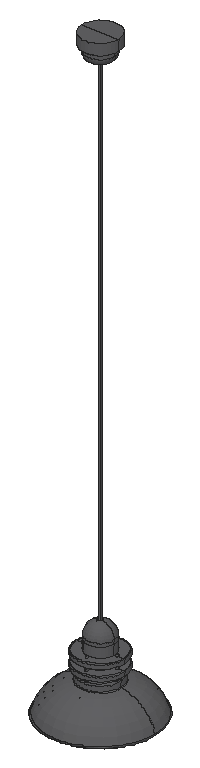
Revit family "Orbitor 100w -12,16 MB", category Lighting Fixtures, Revit 2020
Family settings
  Round Connector Dimension = Use Diameter
  Part Type = Normal
  OmniClass Number = 23.80.70.00
  OmniClass Title = Lighting
  Work Plane-Based = No
  Always vertical = Yes
  Cut with Voids When Loaded = No
  Light Source = Yes
  Shared = No
  Room Calculation Point = No
Parameters (values of type "ORBT16")
  Weight = "2.0 lbs"
  Wattage Comments = "100W Max"
  Wattage = 1.6 W
  Warranty = "5 year limited warranty"  # constant formula
  built-in parameter 1150110 = 1 (stored number, unit not read)
  Voltage = 277 V
  URL = "https://www.anplighting.com/assets/Uploads/product-attachments/specification-sheets/ANP-Specification-Sheet-RLM-MB-ORBT16.pdf"
  built-in parameter 1114217 = 1 (stored number, unit not read)
  Tilt Angle = 90.00°
  built-in parameter 1150109 = 1 (stored number, unit not read)
  built-in parameter 1150134 = 12
  built-in parameter 1150113 = 1 (stored number, unit not read)
  ORBT16 = yes
  ORBT12 = no
  Mounting Option [instance] = 1
  Power Factor = 1
  Post Mount [instance] = Mounting Option = 5  # no
  Placement X axis side [instance] = if(Post Mount, 2' 2 15/32", if(Cord or Stem Mount, 0' 0", if(E36 20 inch, 1' 8 1/4", if(E 6 26 inch, 2' 2", if(E7 41 inch, 3' 5 1/4", 0' 1")))))  # 0' - 0"
  Photometric Web File = "generic.ies"
  Model = "ORBT16"
  Manufacturer = "ANP Lighting"  # constant formula
  built-in parameter 1150105 = 2000 (stored number, unit not read)
  Lumens = 2000 lm
  built-in parameter 1150115 = 1 (stored number, unit not read)
  Load Classification = Lighting
  Light Source Height [instance] = 0' - 11"
  built-in parameter 1150137 = (empty or 0)
  built-in parameter 1150139 = (empty or 0)
  Light Elevation _2 [instance] = if(Post Mount, 0' 0.66142", if(E7 41 inch, 0' 0.66142", if(E36 20 inch, 0' 1.65748", if(E 6 26 inch, 0' 1.53543", if(Cord or Stem Mount, (0' 4.3622" + Cord Length), 0' 0")))))  # 6' - 4.3622"
  Light Elevation _1 [instance] = if(Post Mount, 0' 0", if(E7 41 inch, 0' 0", if(E36 20 inch, 0' 1", if(E 6 26 inch, 0' 0.87402", if(Cord or Stem Mount, (0' 3.66142" + Cord Length), 0' 0")))))  # 6' - 3.66142"
  Light Elevation [instance] = if(Post Mount, 14' 0.5315", if(E7 41 inch, 0' 0", 0' 0"))  # 0' - 0"
  Life = "L70 50,000 hours"  # constant formula
  built-in parameter 1150112 = 1 (stored number, unit not read)
  built-in parameter 1150114 = 1 (stored number, unit not read)
  Lamp = "MB"
  built-in parameter 1150132 = 2
  built-in parameter 1150102 = (empty or 0)
  built-in parameter 1150107 = 4000 (stored number, unit not read)
  built-in parameter 1150138 = (empty or 0)
  built-in parameter 1150106 = 20 (stored number, unit not read)
  INSIDE BODY = INSIDE BODY
  Fixture Height = 1' - 0 1/8"
  Fixture Diameter = 1' - 4"
  Efficiency = "65-125 lumens per watt"  # constant formula
  built-in parameter 1150104 = 116.13 (stored number, unit not read)
  E7 41 inch [instance] = Mounting Option = 4  # no
  E36 20 inch [instance] = Mounting Option = 3  # no
  E 6 26 inch [instance] = Mounting Option = 2  # no
  Dimming Lamp Color Temperature Shift = <None>
  Dimming = "1%"  # constant formula
  Description = "120-277 Voltage"  # constant formula
  Default Elevation = 0' - 0"
  Cord or Stem Mount [instance] = Mounting Option = 1  # yes
  Cord Length option [instance] = 0
  Cord Length [instance] = if([2' Cord], 2' 0", if([4' Cord], 4' 0", if([8' Cord], 8' 0", if([10' Cord], 10' 0", if([6' Cord], 6' 0", 6' 0")))))  # 6' - 0"
  Construction Material = "Heavy Duty spun aluminum."  # constant formula
  Color Filter = 16777215
  CRI = ">90"  # constant formula
  Body Material = body
  Body Colour = "Spun aluminium"  # constant formula
  built-in parameter 1114218 = 1 (stored number, unit not read)
  built-in parameter 1150133 = 10 (stored number, unit not read)
  Apparent Load = 100 VA
  8' Cord [instance] = Cord Length option = 8  # no
  6' Cord [instance] = Cord Length option = 6  # no
  4' Cord [instance] = Cord Length option = 4  # no
  2' Cord [instance] = Cord Length option = 2  # no
  10' Cord [instance] = Cord Length option = 10  # no
Types (3): name | URL | ORBT16 | ORBT12 | Model | Fixture Height | Fixture Diameter | Apparent Load
  (no name) | "https://www.anplighting.com/assets/Uploads/product-attachments/specification-sheets/ANP-Specification-Sheet-RLM-MB-ORBT16.pdf" | yes | no | "ORBT16" | 1' - 0 1/8" | 1' - 4" | 100 VA
  ORBT12 | "https://www.anplighting.com/assets/Uploads/product-attachments/specification-sheets/ANP-Specification-Sheet-RLM-MB-ORBT12.pdf" | no | yes | "ORBT12" | 0' - 11 1/4" | 1' - 0" | 200 VA
  ORBT16 | "https://www.anplighting.com/assets/Uploads/product-attachments/specification-sheets/ANP-Specification-Sheet-RLM-MB-ORBT16.pdf" | yes | no | "ORBT16" | 1' - 0 1/8" | 1' - 4" | 100 VA
Reference planes (in)
  plane 1 "Light Source Axis (F/B)": y = 0
  plane 2: z = 0
  plane 3 "Light Source Axis (L/R)": x = 0
  plane 4 "Light Source Elevation": z = 0
  plane 5: z = 0
  plane 6: x = 0
  plane 7 "Bulb Position": z = -76.3622
  plane 8 "Canopy Position": z = -75.66142
  plane 9 "IES": z = -87.3622
Dimensions and locks (in)
  "Light Elevation": plane 5 to plane 2
  "Placement X axis side": plane 6 to plane 3 "Light Source Axis (L/R)"
  "Light Elevation _2": plane 5 to plane 7 "Bulb Position"
  "Light Elevation _1": plane 5 to plane 8 "Canopy Position"
  "Light Source Height": plane 7 "Bulb Position" to plane 9 "IES"
  locked: plane 4 "Light Source Elevation" to plane 2
  aligned and locked: level to plane 2
  aligned and locked: plane 1 "Light Source Axis (F/B)" to nested 5
  aligned and locked: nested 5 to plane 2
  aligned and locked: nested 1 to plane 3 "Light Source Axis (L/R)"
  aligned and locked: plane 3 "Light Source Axis (L/R)" to nested 2
  aligned and locked: plane 3 "Light Source Axis (L/R)" to nested 4
  aligned and locked: nested 3 to plane 5
  aligned and locked: plane 3 "Light Source Axis (L/R)" to nested 3
  aligned and locked: plane 3 "Light Source Axis (L/R)" to nested 5
  aligned and locked: plane 1 "Light Source Axis (F/B)" to nested 2
  aligned and locked: plane 1 "Light Source Axis (F/B)" to nested 1
  aligned and locked: plane 1 "Light Source Axis (F/B)" to nested 4
  aligned and locked: plane 1 "Light Source Axis (F/B)" to nested 3
  aligned and locked: plane 2 to nested 1
  aligned and locked: plane 2 to nested 2
  aligned and locked: nested 4 to plane 2
  aligned and locked: imposter light to plane 9 "IES"
  aligned and locked: imposter light to plane 6
  aligned and locked: nested 6 to plane 8 "Canopy Position"
  aligned and locked: nested 7 to plane 8 "Canopy Position"
  aligned and locked: nested 6 to plane 6
  aligned and locked: nested 7 to plane 6
Nested families (in)
  nested 1: "CORD OR STEM MOUNT" at (0, 0, -75.67), visible <- "Cord or Stem Mount", Cord or Stem Mount <- "Cord or Stem Mount", Body Material <- "Body Material", Light Elevation <- "Light Elevation", Cord Length <- "Cord Length", 10' Cord <- "10' Cord", 2' Cord <- "2' Cord", 4' Cord <- "4' Cord", 6' Cord <- "6' Cord", 8' Cord <- "8' Cord", type "CORD OR STEM MOUNT"
    with Light Elevation 0' - 0", Cord or Stem Mount yes, Cord Length 6' - 0", Body Material body, 8' Cord no, 6' Cord no, 4' Cord no, 2' Cord no, 10' Cord no
  nested 2: "E6 26 INCH" at (0, 0, 0), visible <- "E 6 26 inch", Chain Length <- "Cord Length", E 6 26 inch <- "E 6 26 inch", Placement X axis side <- "Placement X axis side", Body Material <- "Body Material", Light Elevation <- "Light Elevation", type "E6 26 INCH"
    with Placement X axis side 0' - 0", Light Elevation 0' - 0", E 6 26 inch no, Chain Length 6' - 0", Body Material body
  nested 3: "E7 41 INCH" at (0, 0, 0), Chain Length <- "Cord Length", visible <- "E7 41 inch", E7 41 inch <- "E7 41 inch", Placement X axis side <- "Placement X axis side", Body Material <- "Body Material", Light Elevation <- "Light Elevation", type "E7 41 INCH"
    with Placement X axis side 0' - 0", Light Elevation 0' - 0", E7 41 inch no, Chain Length 6' - 0", Body Material body
  nested 4: "E36 20 INCH" at (0, 0, 0), visible <- "E36 20 inch", E36 20 inch <- "E36 20 inch", Placement X axis side <- "Placement X axis side", Chain Length <- "Cord Length", Body Material <- "Body Material", Light Elevation <- "Light Elevation", type "E36 20 INCH"
    with Placement X axis side 0' - 0", Light Elevation 0' - 0", E36 20 inch no, Chain Length 6' - 0", Body Material body
  nested 5: "POST MOUNT" at (0, 0, 0), visible <- "Post Mount", Post Mount <- "Post Mount", Placement X axis side <- "Placement X axis side", Chain Length <- "Cord Length", Body Material <- "Body Material", Light Elevation <- "Light Elevation", type "POST MOUNT"
    with Post Mount no, Placement X axis side 0' - 0", Light Elevation 0' - 0", Chain Length 6' - 0", Body Material body
  nested 6: "ORBT12" at (0, 0, -75.66142), Light Elevation <- "Light Elevation", Body <- "Body Material", ORBT12 <- "ORBT12", visible <- "ORBT12", INSIDE BODY <- "INSIDE BODY", type "ORBT12"
    with ORBT12 no, Light Elevation 0' - 0", INSIDE BODY INSIDE BODY, Body body
  nested 7: "ORBT16" at (0, 0, -75.66142), Light Elevation <- "Light Elevation", Body <- "Body Material", INSIDE BODY <- "INSIDE BODY", ORBT16 <- "ORBT16", visible <- "ORBT16", type "ORBT16"
    with ORBT16 yes, Light Elevation 0' - 0", INSIDE BODY INSIDE BODY, Body body
Definition of nested family "CORD OR STEM MOUNT"
  Parameters (values of type "CORD OR STEM MOUNT")
    URL = ""
    Model = ""
    Manufacturer = ""
    Light Elevation [instance] = 1' - 7.69"
    Default Elevation = 0' - 0"
    Cord or Stem Mount [instance] = yes
    Cord Length [instance] = 6' - 0"
    Body Material [instance] = none
    8' Cord [instance] = no
    6' Cord [instance] = no
    4' Cord [instance] = no
    2' Cord [instance] = no
    10' Cord [instance] = no
  Reference planes (in)
    plane 1 "Light Source Axis (F/B)": y = 0
    plane 2: z = 0
    plane 3 "Light Source Axis (L/R)": x = 0
    plane 4 "Light Source Elevation": z = 23.125
    plane 5: z = 91.69
    plane 6: z = 19.69
  Forms (in)
    Extrusion 1, void, not visible
      sketch origin (0, 0, 2.38154) x (1, 0, 0) y (0, 0, 1)
        loop
          circle (0, 4.59925) r 0.16583
      from 1.18594 to 1.75
    Extrusion 2, void, not visible
      sketch origin (0, 0, 2.38154) x (0.707107, -0.707107, 0) y (0, 0, 1)
        loop
          circle (0, 4.59925) r 0.16583
      from 1.18594 to 1.75
    Extrusion 3, void, not visible
      sketch origin (0, 0, 2.38154) x (0.707107, 0.707107, 0) y (0, 0, 1)
        loop
          circle (0, 4.59925) r 0.16583
      from 1.18594 to 1.75
    Extrusion 4, void, not visible
      sketch origin (0, 0, 2.38154) x (0, 1, 0) y (0, 0, 1)
        loop
          circle (0, 4.59925) r 0.16583
      from 1.18594 to 1.75
    Extrusion 5, void, not visible
      sketch origin (0, 0, 2.38154) x (-0.707107, 0.707107, 0) y (0, 0, 1)
        loop
          circle (0, 4.59925) r 0.16583
      from 1.18594 to 1.75
    Extrusion 6, void, not visible
      sketch origin (0, 0, 2.38154) x (-1, 0, 0) y (0, 0, 1)
        loop
          circle (0, 4.59925) r 0.20678
      from 1.18594 to 1.75
    Extrusion 7, void, not visible
      sketch origin (0, 0, 2.38154) x (-0.707107, -0.707107, 0) y (0, 0, 1)
        loop
          circle (0, 4.59925) r 0.16583
      from 1.18594 to 1.75
    Extrusion 8, void, not visible
      sketch origin (0, 0, 2.38154) x (0, -1, 0) y (0, 0, 1)
        loop
          circle (0, 4.59925) r 0.16583
      from 1.18594 to 1.75
    Revolve 9, solid, material <- "Body Material", visible <- "Cord or Stem Mount"
      sketch origin (0, 0, 174.56698) x (1, 0, 0) y (0, 0, 1)
        loop
          line (2.6875, -79.20698) -> (0, -79.20698) -> (0, -82.87698) -> (0.125, -82.87698) -> (0.125, -82.83698) -> (0.75, -82.83698)
          arc (0.75, -82.83698) -> (0.81694, -82.77004) -> (0.75, -82.7031) r 0.06694
          line (0.75, -82.7031) -> (0.89763, -82.7031) -> (1.00223, -82.5985) -> (1.06587, -82.5985)
          arc (1.06587, -82.5985) -> (1.80099, -82.29401) -> (2.10549, -81.55888) r 1.03962
          line (2.10549, -81.55888) -> (2.10549, -81.03899)
          arc (2.10549, -81.03899) -> (2.12951, -80.981) -> (2.1875, -80.95698) r 0.08201
          line (2.1875, -80.95698) -> (2.1875, -80.70698) -> (2.6875, -80.70698) -> (2.6875, -79.20698)
        axis (0, -79.20698) -> (0, -82.87698)
      angle from 0 to 360
    Revolve 10, solid, material <- "Body Material", visible <- "Cord or Stem Mount"
      sketch origin (0, 0, 0) x (1, 0, 0) y (0, 0, 1)
        loop
          line (0, 91.69) -> (-0.125, 91.69) -> (-0.125, 19.69) -> (0, 19.69) -> (0, 91.69)
        axis (0, 19.69) -> (0, 91.69)
      angle from 0 to 360
  Dimensions and locks (in)
    "Light Elevation": plane 6 to plane 2
    "Cord Length": plane 5 to plane 6
    locked: Revolve 10 sketch curve to Revolve 10 sketch curve at 0.125
    aligned and locked: level to plane 2
    aligned and locked: Revolve 10 sketch curve to plane 3 "Light Source Axis (L/R)"
    aligned and locked: Revolve 10 sketch curve to plane 6
    aligned and locked: Revolve 10 sketch curve to plane 5
    aligned and locked: plane 3 "Light Source Axis (L/R)" to Revolve 10 sketch curve
  Automatic sketch dimensions
    Revolve 9 sketch curve to plane 3 "Light Source Axis (L/R)" = 0' - 0"  (x2)
    Revolve 9 sketch curve to plane 5 = 0' - 0"
    plane 3 "Light Source Axis (L/R)" to Revolve 9 sketch curve = 0' - 0 1/8"
    Revolve 9 sketch curve to plane 5 = 0' - 0.17388"
    Revolve 9 sketch curve to Revolve 9 sketch curve = 0' - 0 5/8"
    Revolve 9 sketch curve to Revolve 9 sketch curve = 0' - 0.14763"
    Revolve 9 sketch curve to plane 5 = 0' - 0.27847"
    Revolve 9 sketch curve to Revolve 9 sketch curve = 0' - 0.1046"
    Revolve 9 sketch curve to Revolve 9 sketch curve = 0' - 0.06364"
    Revolve 9 sketch curve to Revolve 9 sketch curve = 0' - 1.03962"
    Revolve 9 sketch curve to Revolve 9 sketch curve = 0' - 0 21/256"
    Revolve 9 sketch curve to Revolve 9 sketch curve = 0' - 0 1/2"  (x2)
    Revolve 9 sketch curve to Revolve 9 sketch curve = 0' - 0.51989"
    Revolve 9 sketch curve to Revolve 9 sketch curve = 0' - 0 1/4"
    Revolve 9 sketch curve to Revolve 9 sketch curve = 0' - 2.3519"
    Revolve 9 sketch curve to Revolve 9 sketch curve = 0' - 1 1/4"
    Revolve 9 sketch curve to Revolve 9 sketch curve = 0' - 0.04"
    Revolve 10 sketch curve to Revolve 10 sketch curve = 0' - 0 1/2"
    Revolve 10 sketch curve to Revolve 10 sketch curve = 0' - 0.42345"
Definition of nested family "ORBT16"
  Parameters (values of type "ORBT16")
    ORBT16 [instance] = yes
    Light Elevation [instance] = 0' - 0"
    INSIDE BODY [instance] = none
    Default Elevation = 0' - 0"
    Body [instance] = none
  Reference planes (in)
    plane 1 "Center (Front/Back)": y = 0
    plane 2: z = 0
    plane 3 "Center (Left/Right)": x = 0
    plane 4: z = 0
  Dimensions and locks (in)
    "Light Elevation": plane 4 to plane 2
    aligned and locked: plane 2 to level
    aligned and locked: plane 3 "Center (Left/Right)" to nested 1
    aligned and locked: plane 1 "Center (Front/Back)" to nested 1
    aligned and locked: nested 1 to plane 4
  Nested families (in)
    nested 1: "ORBT16-LED (1)" at (0, 0, -13.11557), INSIDE BODY <- "INSIDE BODY", Body <- "Body", visible <- "ORBT16", ORBT16 <- "ORBT16", type "ORBT16-LED (1)"
      with ORBT16 yes, INSIDE BODY none, Body none
  Definition of nested family "ORBT16-LED (1)"
    Parameters (values of type "ORBT16-LED (1)")
      ORBT16 [instance] = yes
      INSIDE BODY [instance] = none
      Default Elevation = 0' - 0"
      Body [instance] = none
    Reference planes (in)
      plane 1 "Center (Front/Back)": y = 0
      plane 2: z = 0
      plane 3 "Center (Left/Right)": x = 0
    Forms (in)
      Revolve 1, solid, material <- "Body", visible <- "ORBT16"
        sketch origin (0, 0, 0.63136) x (1, 0, 0) y (0, 0, 1)
          loop
            line (-2, 10.52232) -> (-2, 10.04894) -> (-2, 8.43427)
            arc (-2, 8.43427) -> (-2.01172, 8.40598) -> (-2.04, 8.39427) r 0.04
            line (-2.04, 8.39427) -> (-2.67, 8.39427)
            arc (-2.67, 8.39427) -> (-2.72657, 8.37084) -> (-2.75, 8.31427) r 0.08
            line (-2.75, 8.31427) -> (-2.75, 7.89427) -> (-2.67, 7.89427) -> (-2.67, 8.31427) -> (-2.04, 8.31427)
            arc (-2.04, 8.31427) -> (-1.95515, 8.34941) -> (-1.92, 8.43427) r 0.12
            line (-1.92, 8.43427) -> (-1.92, 10.03429) -> (-1.92, 10.52232)
            arc (-1.92, 10.52232) -> (-1.46397, 11.76458) -> (-0.3125, 12.41672) r 1.92
            line (-0.3125, 12.41672) -> (-0.3125, 12.48421) -> (-0.38859, 12.48421)
            arc (-0.38859, 12.48421) -> (-1.5455, 11.79174) -> (-2, 10.52232) r 2
          axis (0, 12.48421) -> (0, 7.89427)
        angle from 0 to 360
      Revolve 2, solid, material <- "Body", visible <- "ORBT16"
        sketch origin (0, 0, 0.63136) x (1, 0, 0) y (0, 0, 1)
          loop
            line (-2.0625, 8.60427) -> (-3.3125, 8.60427) -> (-3.3125, 8.39427) -> (-2.0625, 8.39427) -> (-2.0625, 8.60427)
          axis (0, 8.60427) -> (0, 8.39427)
        angle from 0 to 360
      Revolve 3, solid, material <- "Body", visible <- "ORBT16"
        sketch origin (0, 0, 0.63136) x (1, 0, 0) y (0, 0, 1)
          loop
            line (-2.0625, 8.68427) -> (-3.42, 8.68427)
            arc (-3.42, 8.68427) -> (-3.47657, 8.66084) -> (-3.5, 8.60427) r 0.08
            line (-3.5, 8.60427) -> (-3.5, 8.05927) -> (-3.42, 8.05927) -> (-3.42, 8.60427) -> (-2.0625, 8.60427) -> (-2.0625, 8.68427)
          axis (0, 8.68427) -> (0, 8.05927)
        angle from 0 to 360
      Revolve 4, solid, material <- "Body", visible <- "ORBT16"
        sketch origin (0, 0, 0.63136) x (1, 0, 0) y (0, 0, 1)
          loop
            line (-1.3725, 8.31427) -> (-2.67, 8.31427) -> (-2.67, 8.23427) -> (-1.3725, 8.23427) -> (-1.3725, 8.31427)
          axis (0, 8.31427) -> (0, 8.23427)
        angle from 0 to 360
      Revolve 5, solid, material <- "Body", visible <- "ORBT16"
        sketch origin (0, 0, 0.63136) x (1, 0, 0) y (0, 0, 1)
          loop
            line (-2.065, 8.23427) -> (-2.065, 8.04677) -> (-1.935, 8.04677) -> (-1.935, 7.66677) -> (-1.8125, 7.66677) -> (-1.8125, 6.98427) -> (-1.6825, 6.98427) -> (-1.6825, 8.10427) -> (-1.2475, 8.10427) -> (-1.2475, 8.23427) -> (-2.065, 8.23427)
          axis (0, 8.23427) -> (0, 6.98427)
        angle from 0 to 360
      Revolve 6, solid, material <- "Body", visible <- "ORBT16"
        sketch origin (0, 0, 0.63136) x (1, 0, 0) y (0, 0, 1)
          loop
            line (-2.0625, 7.06427) -> (-3.42, 7.06427)
            arc (-3.42, 7.06427) -> (-3.47657, 7.04084) -> (-3.5, 6.98427) r 0.08
            line (-3.5, 6.98427) -> (-3.5, 6.43927) -> (-3.42, 6.43927) -> (-3.42, 6.98427) -> (-2.0625, 6.98427) -> (-2.0625, 7.06427)
          axis (0, 7.06427) -> (0, 6.43927)
        angle from 0 to 360
      Revolve 7, solid, material <- "Body", visible <- "ORBT16"
        sketch origin (0, 0, 0.63136) x (1, 0, 0) y (0, 0, 1)
          loop
            line (-2.625, 6.98427) -> (-2.625, 5.73427) -> (-2.5625, 5.73427) -> (-2.5625, 6.98427) -> (-2.625, 6.98427)
          loop
            line (-2.625, 8.23427) -> (-2.625, 7.06427) -> (-2.5625, 7.06427) -> (-2.5625, 8.23427) -> (-2.625, 8.23427)
          loop
            line (-2.5985, 8.76094) -> (-2.5985, 8.68427) -> (-2.4375, 8.68427) -> (-2.4375, 8.79927) -> (-2.56017, 8.79927)
            arc (-2.56017, 8.79927) -> (-2.58727, 8.78804) -> (-2.5985, 8.76094) r 0.03833
          axis (-2.4375, 8.79927) -> (-2.4375, 5.73427)
        angle from 0 to 360
      Revolve 8, solid, material <- "Body", visible <- "ORBT16"
        sketch origin (0, 0, 0.63136) x (-1, 0, 0) y (0, 0, 1)
          loop
            line (-2.625, 6.98427) -> (-2.625, 5.73427) -> (-2.5625, 5.73427) -> (-2.5625, 6.98427) -> (-2.625, 6.98427)
          loop
            line (-2.625, 8.23427) -> (-2.625, 7.06427) -> (-2.5625, 7.06427) -> (-2.5625, 8.23427) -> (-2.625, 8.23427)
          loop
            line (-2.5985, 8.76094) -> (-2.5985, 8.68427) -> (-2.4375, 8.68427) -> (-2.4375, 8.79927) -> (-2.56017, 8.79927)
            arc (-2.56017, 8.79927) -> (-2.58727, 8.78804) -> (-2.5985, 8.76094) r 0.03833
          axis (-2.4375, 8.79927) -> (-2.4375, 5.73427)
        angle from 0 to 360
      Revolve 9, solid, material <- "Body", visible <- "ORBT16"
        sketch origin (0, 0, 0.63136) x (0, 1, 0) y (0, 0, 1)
          loop
            line (-2.625, 6.98427) -> (-2.625, 5.73427) -> (-2.5625, 5.73427) -> (-2.5625, 6.98427) -> (-2.625, 6.98427)
          loop
            line (-2.625, 8.23427) -> (-2.625, 7.06427) -> (-2.5625, 7.06427) -> (-2.5625, 8.23427) -> (-2.625, 8.23427)
          loop
            line (-2.5985, 8.76094) -> (-2.5985, 8.68427) -> (-2.4375, 8.68427) -> (-2.4375, 8.79927) -> (-2.56017, 8.79927)
            arc (-2.56017, 8.79927) -> (-2.58727, 8.78804) -> (-2.5985, 8.76094) r 0.03833
          axis (-2.4375, 8.79927) -> (-2.4375, 5.73427)
        angle from 0 to 360
      Revolve 10, solid, material <- "Body", visible <- "ORBT16"
        sketch origin (0, 0, 0.63136) x (0, -1, 0) y (0, 0, -1)
          loop
            line (-2.625, -6.98427) -> (-2.5625, -6.98427) -> (-2.5625, -5.73427) -> (-2.625, -5.73427) -> (-2.625, -6.98427)
          loop
            line (-2.625, -8.23427) -> (-2.5625, -8.23427) -> (-2.5625, -7.06427) -> (-2.625, -7.06427) -> (-2.625, -8.23427)
          loop
            arc (-2.5985, -8.76094) -> (-2.58727, -8.78804) -> (-2.56017, -8.79927) r 0.03833
            line (-2.56017, -8.79927) -> (-2.4375, -8.79927) -> (-2.4375, -8.68427) -> (-2.5985, -8.68427) -> (-2.5985, -8.76094)
          axis (-2.4375, -8.79927) -> (-2.4375, -5.73427)
        angle from 0 to 360
      Revolve 11, solid, material <- "Body", visible <- "ORBT16"
        sketch origin (0, 0, 0) x (1, 0, 0) y (0, 0, 1)
          loop
            line (-2.0625, 6.36562) -> (-2.875, 6.36562)
            arc (-2.875, 6.36562) -> (-2.96339, 6.32901) -> (-3, 6.24062) r 0.125
            line (-3, 6.24062) -> (-3, 5.50085)
            arc (-3, 5.50085) -> (-3.01439, 5.44262) -> (-3.05426, 5.39779) r 0.125
            arc (-3.05426, 5.39779) -> (-6.09793, 3.9276) -> (-7.90266, 1.06956) r 6.14134
            arc (-7.90266, 1.06956) -> (-7.92733, 1.06721) -> (-7.91562, 1.08906) r 0.01406
            line (-7.91562, 1.08906) -> (-7.91562, 1.15937)
            arc (-7.91562, 1.15937) -> (-7.98204, 1.02296) -> (-7.8337, 1.05482) r 0.08438
            arc (-7.8337, 1.05482) -> (-6.03805, 3.87379) -> (-3.02559, 5.32157) r 6.09351
            arc (-3.02559, 5.32157) -> (-2.94836, 5.39682) -> (-2.92, 5.50085) r 0.205
            line (-2.92, 5.50085) -> (-2.92, 6.24062)
            arc (-2.92, 6.24062) -> (-2.90682, 6.27244) -> (-2.875, 6.28562) r 0.045
            line (-2.875, 6.28562) -> (-2.0625, 6.28562) -> (-2.0625, 6.36562)
          axis (0, 6.36562) -> (0, 1.05482)
        angle from 0 to 360
      Revolve 12, solid, material <- "INSIDE BODY", visible <- "ORBT16"
        sketch origin (0, 0, 0) x (1, 0, 0) y (0, 0, 1)
          loop
            line (3.02559, 5.32157) -> (3.02559, 5.22012)
            arc (3.02559, 5.22012) -> (4.77571, 4.62758) -> (6.25909, 3.52595) r 5.9402
            arc (6.25909, 3.52595) -> (7.14081, 2.38175) -> (7.72711, 1.06156) r 6.06824
            line (7.72711, 1.06156) -> (7.83166, 1.06156)
            arc (7.83166, 1.06156) -> (7.23458, 2.4197) -> (6.33047, 3.59598) r 6.16824
            arc (6.33047, 3.59598) -> (4.8145, 4.72014) -> (3.02559, 5.32157) r 6.0402
          axis (0, 1.06156) -> (0, 5.32157)
        angle from 0 to 360
    Dimensions and locks (in)
      aligned and locked: plane 2 to level
Definition of nested family "E6 26 INCH"
  Parameters (values of type "E6 26 INCH")
    URL = ""
    Placement X axis side [instance] = 2' - 2"
    Model = ""
    Manufacturer = ""
    Light Elevation [instance] = 8' - 4"
    E 6 26 inch [instance] = yes
    Default Elevation = 0' - 0"
    Chain Length [instance] = 0' - 0"
    Body Material [instance] = none
  Reference planes (in)
    plane 1 "Light Source Axis (F/B)": y = 0
    plane 2: z = 0
    plane 3 "Light Source Axis (L/R)": x = 0
    plane 4 "Light Source Elevation": z = 23.125
    plane 5: z = 100
    plane 6: x = -26
    plane 7: z = 99.125
    plane 8: x = -24.12
    plane 9: x = -25.5474
  Forms (in)
    Extrusion 1, void, not visible
      sketch origin (0, 0, 2.38154) x (1, 0, 0) y (0, 0, 1)
        loop
          circle (0, 4.59925) r 0.16583
      from 1.18594 to 1.75
    Extrusion 2, void, not visible
      sketch origin (0, 0, 2.38154) x (0.707107, -0.707107, 0) y (0, 0, 1)
        loop
          circle (0, 4.59925) r 0.16583
      from 1.18594 to 1.75
    Extrusion 3, void, not visible
      sketch origin (0, 0, 2.38154) x (0.707107, 0.707107, 0) y (0, 0, 1)
        loop
          circle (0, 4.59925) r 0.16583
      from 1.18594 to 1.75
    Extrusion 4, void, not visible
      sketch origin (0, 0, 2.38154) x (0, 1, 0) y (0, 0, 1)
        loop
          circle (0, 4.59925) r 0.16583
      from 1.18594 to 1.75
    Extrusion 5, void, not visible
      sketch origin (0, 0, 2.38154) x (-0.707107, 0.707107, 0) y (0, 0, 1)
        loop
          circle (0, 4.59925) r 0.16583
      from 1.18594 to 1.75
    Extrusion 6, void, not visible
      sketch origin (0, 0, 2.38154) x (-1, 0, 0) y (0, 0, 1)
        loop
          circle (0, 4.59925) r 0.20678
      from 1.18594 to 1.75
    Extrusion 7, void, not visible
      sketch origin (0, 0, 2.38154) x (-0.707107, -0.707107, 0) y (0, 0, 1)
        loop
          circle (0, 4.59925) r 0.16583
      from 1.18594 to 1.75
    Extrusion 8, void, not visible
      sketch origin (0, 0, 2.38154) x (0, -1, 0) y (0, 0, 1)
        loop
          circle (0, 4.59925) r 0.16583
      from 1.18594 to 1.75
    Sweep 9, solid, material <- "Body Material", visible <- "E 6 26 inch"
      path origin (-41.25, 0, 168.51693) x (1, 0, 0) y (0, 0, 1)
        loop
          line (17.13, -68.51693) -> (27.68551, -68.51693)
          arc (27.68551, -68.51693) -> (28.47996, -68.34486) -> (29.13202, -67.8595) r 1.92004
          line (29.13202, -67.8595) -> (34.23651, -62.01155)
          arc (34.23651, -62.01155) -> (38.65464, -60.89667) -> (41.25, -64.64193) r 4
          line (41.25, -64.64193) -> (41.25, -69.39193)
      profile origin (-18.84224, 0, 100) x (0, 0, 1) y (0, -1, 0)
        loop
          circle (0, 0) r 0.5
    Revolve 10, solid, material <- "Body Material", visible <- "E 6 26 inch"
      sketch origin (-26, 0, 168.51693) x (1, 0, 0) y (0, 0, 1)
        loop
          line (0, -66.07943) -> (0, -68.51693) -> (1.88, -68.51693) -> (1.88, -67.69272) -> (0.4526, -67.69272) -> (0.4526, -66.54122) -> (0.33125, -66.54122) -> (0.33125, -66.07943) -> (0, -66.07943)
        axis (0, -68.51693) -> (1.88, -68.51693)
      angle from 0 to 360
    Extrusion 11, solid, material <- "Body Material", visible <- "E 6 26 inch"
      sketch origin (-26, 0, 168.51693) x (0, -1, 0) y (0, 0, -1)
        loop
          line (0.25, 68.51693) -> (0.25, 69.51693) -> (-0.25, 69.51693) -> (-0.25, 68.51693) -> (0.25, 68.51693)
      from 0.4526 to 1.88
  Cuts and joins
    joined: Revolve 10, Extrusion 11
  Dimensions and locks (in)
    "Light Elevation": plane 5 to plane 2
    "Placement X axis side": plane 3 "Light Source Axis (L/R)" to plane 6
    locked: plane 5 to plane 7 at 0.875
    Revolve 10 sketch curve to Revolve 10 sketch curve to Revolve 10 sketch curve to plane 6 = 0' - 1.4274" locked, 0' - 0.12135" locked, 0' - 0.33125" locked
    Revolve 10 sketch curve to Revolve 10 sketch curve to Revolve 10 sketch curve to plane 5 = 0' - 0.46179" locked, 0' - 1.1515" locked, 0' - 0 211/256" locked
    locked: Sweep 9 sketch curve to plane 6 at 1.88
    locked: Sweep 9 sketch curve to Sweep 9 sketch curve at 10.55551
    locked: Sweep 9 sketch curve to Sweep 9 sketch curve at 13.56449
    locked: Sweep 9 sketch curve to Sweep 9 sketch curve at 4.75
    locked: plane 9 to plane 6 at 0.4526
    locked: plane 8 to plane 9 at 1.4274
    aligned and locked: level to plane 2
    aligned and locked: Revolve 10 sketch curve to plane 6
    aligned and locked: plane 5 to Revolve 10 sketch curve
    aligned and locked: Revolve 10 sketch curve to plane 5
    aligned and locked: cut or joined group of Revolve 10, Extrusion 11 to plane 9
    aligned and locked: plane 8 to cut or joined group of Revolve 10, Extrusion 11
  Automatic sketch dimensions
    Sweep 9 sketch curve to plane 5 = 0' - 0"
    Sweep 9 sketch curve to Sweep 9 sketch curve = 0' - 4"
    Sweep 9 sketch curve to Sweep 9 sketch curve = 0' - 3.01349"
    plane 5 to Sweep 9 sketch curve = 0' - 0.65743"
    Sweep 9 sketch curve to Sweep 9 sketch curve = 0' - 1.4465"
    Sweep 9 sketch curve to plane 5 = 0' - 0 7/8"
    profile plane to Sweep 9 sketch curve = 0' - 0"
    Sweep 9 sketch curve to profile plane = 0' - 0"
    plane 6 to Revolve 10 sketch curve = 0' - 0.62562"
    Revolve 10 sketch curve to Revolve 10 sketch curve = 0' - 0 1/2"
    Extrusion 11 sketch curve to plane 5 = 0' - 0"
    plane 1 "Light Source Axis (F/B)" to Extrusion 11 sketch curve = 0' - 0 1/4"
    Extrusion 11 sketch curve to plane 1 "Light Source Axis (F/B)" = 0' - 0 1/4"
    plane 5 to Extrusion 11 sketch curve = 0' - 1"
    radius of Sweep 9 sketch curve = 0' - 0 1/2"
Definition of nested family "E7 41 INCH"
  Parameters (values of type "E7 41 INCH")
    URL = ""
    Placement X axis side [instance] = 4' - 2"
    Model = ""
    Manufacturer = ""
    Light Elevation [instance] = 8' - 4"
    E7 41 inch [instance] = yes
    Default Elevation = 0' - 0"
    Chain Length [instance] = 0' - 0"
    Body Material [instance] = none
  Reference planes (in)
    plane 1 "Light Source Axis (F/B)": y = 0
    plane 2: z = 0
    plane 3 "Light Source Axis (L/R)": x = 0
    plane 4 "Light Source Elevation": z = 23.125
    plane 5: z = 100
    plane 6: x = -50
  Forms (in)
    Extrusion 1, void, not visible
      sketch origin (0, 0, 2.38154) x (1, 0, 0) y (0, 0, 1)
        loop
          circle (0, 4.59925) r 0.16583
      from 1.18594 to 1.75
    Extrusion 2, void, not visible
      sketch origin (0, 0, 2.38154) x (0.707107, -0.707107, 0) y (0, 0, 1)
        loop
          circle (0, 4.59925) r 0.16583
      from 1.18594 to 1.75
    Extrusion 3, void, not visible
      sketch origin (0, 0, 2.38154) x (0.707107, 0.707107, 0) y (0, 0, 1)
        loop
          circle (0, 4.59925) r 0.16583
      from 1.18594 to 1.75
    Extrusion 4, void, not visible
      sketch origin (0, 0, 2.38154) x (0, 1, 0) y (0, 0, 1)
        loop
          circle (0, 4.59925) r 0.16583
      from 1.18594 to 1.75
    Extrusion 5, void, not visible
      sketch origin (0, 0, 2.38154) x (-0.707107, 0.707107, 0) y (0, 0, 1)
        loop
          circle (0, 4.59925) r 0.16583
      from 1.18594 to 1.75
    Extrusion 6, void, not visible
      sketch origin (0, 0, 2.38154) x (-1, 0, 0) y (0, 0, 1)
        loop
          circle (0, 4.59925) r 0.20678
      from 1.18594 to 1.75
    Extrusion 7, void, not visible
      sketch origin (0, 0, 2.38154) x (-0.707107, -0.707107, 0) y (0, 0, 1)
        loop
          circle (0, 4.59925) r 0.16583
      from 1.18594 to 1.75
    Extrusion 8, void, not visible
      sketch origin (0, 0, 2.38154) x (0, -1, 0) y (0, 0, 1)
        loop
          circle (0, 4.59925) r 0.16583
      from 1.18594 to 1.75
    Revolve 9, solid, material <- "Body Material", visible <- "E7 41 inch"
      sketch origin (-41.25, 0, 168.39193) x (1, 0, 0) y (0, 0, 1)
        loop
          line (-8.75, -66.20443) -> (-8.75, -68.51693) -> (-6.87, -68.51693) -> (-6.87, -67.69272) -> (-8.2974, -67.69272) -> (-8.2974, -66.54122) -> (-8.41875, -66.54122) -> (-8.41875, -66.20443) -> (-8.75, -66.20443)
        axis (-8.75, -68.51693) -> (-6.87, -68.51693)
      angle from 0 to 360
    Extrusion 10, solid, material <- "Body Material", visible <- "E7 41 inch"
      sketch origin (-41.25, 0, 168.39193) x (0, -1, 0) y (0, 0, -1)
        loop
          line (0.25, 68.51693) -> (0.25, 69.51693) -> (-0.25, 69.51693) -> (-0.25, 68.51693) -> (0.25, 68.51693)
      from -8.2974 to -6.87
    Sweep 11, solid, material <- "Body Material", visible <- "E7 41 inch"
      path origin (-41.25, 0, 168.39193) x (1, 0, 0) y (0, 0, 1)
        loop
          line (-6.87, -68.51693) -> (16.04011, -68.51693)
          arc (16.04011, -68.51693) -> (17.864, -68.13651) -> (19.38375, -67.0587) r 4.5625
          line (19.38375, -67.0587) -> (24.70217, -61.33018)
          arc (24.70217, -61.33018) -> (29.64465, -60.20324) -> (32.5, -64.39193) r 4.5
          line (32.5, -64.39193) -> (32.5, -68.39193)
      profile origin (-36.66494, 0, 99.875) x (0, 0, 1) y (0, -1, 0)
        loop
          circle (0, 0) r 0.5
  Dimensions and locks (in)
    "Placement X axis side": plane 3 "Light Source Axis (L/R)" to plane 6
    "Light Elevation": plane 5 to plane 2
    locked: Revolve 9 sketch curve to Revolve 9 sketch curve at 0.33125
    locked: Revolve 9 sketch curve to Revolve 9 sketch curve at 0.4526
    locked: Revolve 9 sketch curve to Revolve 9 sketch curve at 1.88
    locked: Revolve 9 sketch curve to Revolve 9 sketch curve at 0.82421
    locked: Revolve 9 sketch curve to Revolve 9 sketch curve at 1.1515
    locked: Revolve 9 sketch curve to Revolve 9 sketch curve at 0.33679
    locked: plane 5 to Revolve 9 sketch curve at 0.125
    locked: Extrusion 10 sketch curve to Extrusion 10 sketch curve at 0.5
    locked: Extrusion 10 sketch curve to Extrusion 10 sketch curve at 1
    locked: plane 5 to Extrusion 10 sketch curve at 0.125
    locked: plane 5 to Sweep 11 sketch curve at 0.125
    locked: Sweep 11 sketch curve to Sweep 11 sketch curve at 39.37
    locked: Sweep 11 sketch curve to Sweep 11 sketch curve at 4
    locked: plane 6 to Extrusion 10 at 0.4526
    locked: Sweep 11 sketch curve to plane 6 at 1.88
    locked: Extrusion 10 to Extrusion 10 at 1.4274
    aligned and locked: plane 2 to level
    aligned and locked: Revolve 9 sketch curve to plane 6
  Automatic sketch dimensions
    Revolve 9 sketch curve to plane 5 = 0' - 0 1/8"
    plane 6 to Revolve 9 sketch curve = 0' - 0.62562"
    Revolve 9 sketch curve to Revolve 9 sketch curve = 0' - 0 1/2"
    plane 1 "Light Source Axis (F/B)" to Extrusion 10 sketch curve = 0' - 0 1/4"
    Sweep 11 sketch curve to plane 5 = 0' - 0"
    Sweep 11 sketch curve to Sweep 11 sketch curve = 0' - 4 1/2"
    Sweep 11 sketch curve to Sweep 11 sketch curve = 0' - 3.29783"
    plane 5 to Sweep 11 sketch curve = 0' - 1.33323"
    Sweep 11 sketch curve to Sweep 11 sketch curve = 0' - 5.31842"
    Sweep 11 sketch curve to Sweep 11 sketch curve = 0' - 3.34364"
    profile plane to Sweep 11 sketch curve = 0' - 0"
    Sweep 11 sketch curve to profile plane = 0' - 0"
    radius of Sweep 11 sketch curve = 0' - 0 1/2"
Definition of nested family "E36 20 INCH"
  Parameters (values of type "E36 20 INCH")
    URL = ""
    Placement X axis side [instance] = 1' - 8 1/4"
    Model = ""
    Manufacturer = ""
    Light Elevation [instance] = 8' - 4"
    E36 20 inch [instance] = yes
    Default Elevation = 0' - 0"
    Chain Length [instance] = 0' - 0"
    Body Material [instance] = none
  Reference planes (in)
    plane 1 "Light Source Axis (F/B)": y = 0
    plane 2: z = 0
    plane 3 "Light Source Axis (L/R)": x = 0
    plane 4 "Light Source Elevation": z = 23.125
    plane 5: z = 99
    plane 6: x = -20.25
    plane 7: z = 100
    plane 8: x = -18.37008
    plane 9: x = -19.79724
  Forms (in)
    Extrusion 1, void, not visible
      sketch origin (0, 0, 2.38154) x (1, 0, 0) y (0, 0, 1)
        loop
          circle (0, 4.59925) r 0.16583
      from 1.18594 to 1.75
    Extrusion 2, void, not visible
      sketch origin (0, 0, 2.38154) x (0.707107, -0.707107, 0) y (0, 0, 1)
        loop
          circle (0, 4.59925) r 0.16583
      from 1.18594 to 1.75
    Extrusion 3, void, not visible
      sketch origin (0, 0, 2.38154) x (0.707107, 0.707107, 0) y (0, 0, 1)
        loop
          circle (0, 4.59925) r 0.16583
      from 1.18594 to 1.75
    Extrusion 4, void, not visible
      sketch origin (0, 0, 2.38154) x (0, 1, 0) y (0, 0, 1)
        loop
          circle (0, 4.59925) r 0.16583
      from 1.18594 to 1.75
    Extrusion 5, void, not visible
      sketch origin (0, 0, 2.38154) x (-0.707107, 0.707107, 0) y (0, 0, 1)
        loop
          circle (0, 4.59925) r 0.16583
      from 1.18594 to 1.75
    Extrusion 6, void, not visible
      sketch origin (0, 0, 2.38154) x (-1, 0, 0) y (0, 0, 1)
        loop
          circle (0, 4.59925) r 0.20678
      from 1.18594 to 1.75
    Extrusion 7, void, not visible
      sketch origin (0, 0, 2.38154) x (-0.707107, -0.707107, 0) y (0, 0, 1)
        loop
          circle (0, 4.59925) r 0.16583
      from 1.18594 to 1.75
    Extrusion 8, void, not visible
      sketch origin (0, 0, 2.38154) x (0, -1, 0) y (0, 0, 1)
        loop
          circle (0, 4.59925) r 0.16583
      from 1.18594 to 1.75
    Sweep 9, solid, material <- "Body Material", visible <- "E36 20 inch"
      path origin (-41.25, 0, 169.51693) x (1, 0, 0) y (0, 0, 1)
        loop
          line (22.88, -69.51693) -> (28.93827, -69.51693)
          arc (28.93827, -69.51693) -> (29.97705, -69.28152) -> (30.81284, -68.62128) r 2.40953
          line (30.81284, -68.62128) -> (34.13807, -64.50378)
          arc (34.13807, -64.50378) -> (38.58272, -63.24548) -> (41.25, -67.01693) r 4
          line (41.25, -67.01693) -> (41.25, -70.51693)
      profile origin (-15.34086, 0, 100) x (0, 0, 1) y (0, -1, 0)
        loop
          circle (0, 0) r 0.5
    Revolve 10, solid, material <- "Body Material", visible <- "E36 20 inch"
      sketch origin (-20.25, 0, 169.51693) x (1, 0, 0) y (0, 0, 1)
        loop
          line (0, -67.20443) -> (0, -69.51693) -> (1.88, -69.51693) -> (1.88, -68.69272) -> (0.4526, -68.69272) -> (0.4526, -67.54122) -> (0.33125, -67.54122) -> (0.33125, -67.20443) -> (0, -67.20443)
        axis (0, -69.51693) -> (1.88, -69.51693)
      angle from 0 to 360
    Extrusion 11, solid, material <- "Body Material", visible <- "E36 20 inch"
      sketch origin (-20.25, 0, 169.51693) x (0, -1, 0) y (0, 0, -1)
        loop
          line (0.25, 69.51693) -> (0.25, 70.51693) -> (-0.25, 70.51693) -> (-0.25, 69.51693) -> (0.25, 69.51693)
      from 1.87992 to 0.45276
  Cuts and joins
    joined: Revolve 10, Extrusion 11
  Dimensions and locks (in)
    "Light Elevation": plane 7 to plane 2
    "Placement X axis side": plane 3 "Light Source Axis (L/R)" to plane 6
    locked: plane 7 to plane 5 at 1
    Revolve 10 sketch curve to Revolve 10 sketch curve to Revolve 10 sketch curve to plane 7 = 0' - 0.33679" locked, 0' - 1.1515" locked, 0' - 0 211/256" locked
    locked: Sweep 9 sketch curve to plane 6 at 1.88
    locked: Sweep 9 sketch curve to Sweep 9 sketch curve at 6.05827
    locked: Sweep 9 sketch curve to Sweep 9 sketch curve at 12.31173
    locked: Sweep 9 sketch curve to Sweep 9 sketch curve at 3.5
    Revolve 10 sketch curve to Revolve 10 sketch curve to Revolve 10 sketch curve to plane 6 = 0' - 1.4274" locked, 0' - 0.12135" locked, 0' - 0.33125" locked
    locked: plane 9 to plane 6 at 0.45276
    locked: plane 8 to plane 9 at 1.42717
    aligned and locked: level to plane 2
    aligned and locked: plane 7 to Revolve 10 sketch curve
    aligned and locked: Revolve 10 sketch curve to plane 7
    aligned and locked: Revolve 10 sketch curve to plane 6
    aligned and locked: cut or joined group of Revolve 10, Extrusion 11 to plane 9
    aligned and locked: plane 8 to cut or joined group of Revolve 10, Extrusion 11
  Automatic sketch dimensions
    Sweep 9 sketch curve to plane 7 = 0' - 0"
    Sweep 9 sketch curve to plane 5 = 0' - 0"
    Sweep 9 sketch curve to Sweep 9 sketch curve = 0' - 4"
    Sweep 9 sketch curve to plane 7 = 0' - 0.89565"
    Sweep 9 sketch curve to Sweep 9 sketch curve = 0' - 3.32523"
    Sweep 9 sketch curve to Sweep 9 sketch curve = 0' - 1.87457"
    profile plane to Sweep 9 sketch curve = 0' - 0"
    Sweep 9 sketch curve to profile plane = 0' - 0"
    plane 6 to Revolve 10 sketch curve = 0' - 0.62562"
    Revolve 10 sketch curve to Revolve 10 sketch curve = 0' - 0 1/2"
    plane 7 to Extrusion 11 sketch curve = 0' - 0"
    Extrusion 11 sketch curve to plane 5 = 0' - 0"
    plane 1 "Light Source Axis (F/B)" to Extrusion 11 sketch curve = 0' - 0 1/4"
    Extrusion 11 sketch curve to plane 1 "Light Source Axis (F/B)" = 0' - 0 1/4"
    radius of Sweep 9 sketch curve = 0' - 0 1/2"
Definition of nested family "POST MOUNT"
  Parameters (values of type "POST MOUNT")
    URL = ""
    Post Mount [instance] = yes
    Placement X axis side [instance] = 2' - 2 1/2"
    Model = ""
    Manufacturer = ""
    Light Elevation [instance] = 14' - 0.5168"
    Default Elevation = 0' - 0"
    Chain Length [instance] = 0' - 0"
    Body Material [instance] = none
  Reference planes (in)
    plane 1 "Light Source Axis (F/B)": y = 0
    plane 2: z = 0
    plane 3 "Light Source Axis (L/R)": x = 0
    plane 4 "Light Source Elevation": z = 23.125
    plane 5: x = -26.5
    plane 6: z = 168.5168
  Forms (in)
    Extrusion 1, void, not visible
      sketch origin (0, 0, 2.38154) x (1, 0, 0) y (0, 0, 1)
        loop
          circle (0, 4.59925) r 0.16583
      from 1.18594 to 1.75
    Extrusion 2, void, not visible
      sketch origin (0, 0, 2.38154) x (0.707107, -0.707107, 0) y (0, 0, 1)
        loop
          circle (0, 4.59925) r 0.16583
      from 1.18594 to 1.75
    Extrusion 3, void, not visible
      sketch origin (0, 0, 2.38154) x (0.707107, 0.707107, 0) y (0, 0, 1)
        loop
          circle (0, 4.59925) r 0.16583
      from 1.18594 to 1.75
    Extrusion 4, void, not visible
      sketch origin (0, 0, 2.38154) x (0, 1, 0) y (0, 0, 1)
        loop
          circle (0, 4.59925) r 0.16583
      from 1.18594 to 1.75
    Extrusion 5, void, not visible
      sketch origin (0, 0, 2.38154) x (-0.707107, 0.707107, 0) y (0, 0, 1)
        loop
          circle (0, 4.59925) r 0.16583
      from 1.18594 to 1.75
    Extrusion 6, void, not visible
      sketch origin (0, 0, 2.38154) x (-1, 0, 0) y (0, 0, 1)
        loop
          circle (0, 4.59925) r 0.20678
      from 1.18594 to 1.75
    Extrusion 7, void, not visible
      sketch origin (0, 0, 2.38154) x (-0.707107, -0.707107, 0) y (0, 0, 1)
        loop
          circle (0, 4.59925) r 0.16583
      from 1.18594 to 1.75
    Extrusion 8, void, not visible
      sketch origin (0, 0, 2.38154) x (0, -1, 0) y (0, 0, 1)
        loop
          circle (0, 4.59925) r 0.16583
      from 1.18594 to 1.75
    Revolve 9, solid, material <- "Body Material", visible <- "Post Mount"
      sketch origin (-7.90508, 0, 0) x (1, 0, 0) y (0, 0, 1)
        loop
          line (-18.59492, 3.92912) -> (-16.29831, 3.92912) -> (-16.29831, 4.2668) -> (-16.91413, 4.2668) -> (-16.91413, 134.5168) -> (-17.16413, 134.5168) -> (-17.16413, 137.3918) -> (-17.05979, 137.3918)
          arc (-17.05979, 137.3918) -> (-16.93479, 137.5168) -> (-17.05979, 137.6418) r 0.125
          line (-17.05979, 137.6418) -> (-17.48032, 137.6418) -> (-17.48032, 139.0793) -> (-17.73032, 139.0793) -> (-17.73032, 139.5793) -> (-18.59492, 139.5793) -> (-18.59492, 3.92912)
        axis (-18.59492, 139.5793) -> (-18.59492, 3.92912)
      angle from 0 to 360
    Extrusion 10, solid, material <- "Body Material", visible <- "Post Mount"
      sketch origin (0, 0, 0) x (1, 0, 0) y (0, 1, 0)
        loop
          line (-20.5, 5.93079) -> (-32.5, 5.93079) -> (-32.5, -6.06921) -> (-20.5, -6.06921) -> (-20.5, 5.93079)
      from 0 to 3.92912
    Sweep 11, solid, material <- "Body Material", visible <- "Post Mount"
      path origin (0, 0, 48.5) x (1, 0, 0) y (0, 0, 1)
        loop
          line (0, 120.0168) -> (0, 128.0168)
          arc (0, 128.0168) -> (-13.25, 141.2668) -> (-26.5, 128.0168) r 13.25
          line (-26.5, 128.0168) -> (-26.5, 91.0793)
      profile origin (0, 0, 172.5168) x (-1, 0, 0) y (0, -1, 0)
        loop
          circle (0, 0) r 0.5
    Revolve 12, solid, material <- "Body Material", visible <- "Post Mount"
      sketch origin (0, 0, 0) x (1, 0, 0) y (0, 0, 1)
        loop
          line (0, 168.5168) -> (0.75, 168.5168) -> (0.75, 170.7668) -> (0, 170.7668) -> (0, 168.5168)
        axis (0, 170.7668) -> (0, 168.5168)
      angle from 0 to 360
  Cuts and joins
    joined: Revolve 9, Extrusion 10, Sweep 11, Revolve 12
  Dimensions and locks (in)
    "Placement X axis side": plane 3 "Light Source Axis (L/R)" to plane 5
    "Light Elevation": plane 6 to plane 2
    locked: Revolve 12 sketch curve to plane 5 at 26.5  (x2)
    locked: Revolve 9 sketch curve to plane 2 at 3.92912
    locked: Revolve 9 sketch curve to plane 5 at 2.29661
    locked: Revolve 9 sketch curve to plane 5 at 1.68079
    locked: Revolve 9 sketch curve to plane 5 at 1.43079
    locked: Revolve 9 sketch curve to plane 5 at 1.11461
    locked: Revolve 9 sketch curve to plane 5 at 0.86461
    locked: Revolve 9 sketch curve to Revolve 9 sketch curve at 130.58768
    locked: Revolve 9 sketch curve to Revolve 9 sketch curve at 2.875
    locked: Revolve 9 sketch curve to Revolve 9 sketch curve at 0.25
    locked: Revolve 9 sketch curve to Revolve 9 sketch curve at 1.4375
    locked: Revolve 9 sketch curve to Revolve 9 sketch curve at 0.5
    locked: Sweep 11 sketch curve to Sweep 11 sketch curve at 26.5
    locked: Revolve 12 sketch curve to Revolve 12 sketch curve at 0.75
    locked: cut or joined group of Revolve 9, Extrusion 10, Sweep 11, Revolve 12 to plane 2 at 139.5793
    aligned and locked: level to plane 2
    aligned and locked: plane 5 to Sweep 11 sketch curve
    aligned and locked: Revolve 9 sketch curve to plane 5
  Automatic sketch dimensions
    Revolve 9 sketch curve to plane 5 = 0' - 0"
    Revolve 9 sketch curve to Revolve 9 sketch curve = 0' - 0.10434"
    Revolve 9 sketch curve to Revolve 9 sketch curve = 0' - 0.33768"
    Revolve 9 sketch curve to Revolve 9 sketch curve = 0' - 0 1/4"
    Revolve 9 sketch curve to Revolve 9 sketch curve = 0' - 0 7/16"
    Extrusion 10 sketch curve to plane 5 = 0' - 6"
    plane 5 to Extrusion 10 sketch curve = 0' - 6"
    plane 1 "Light Source Axis (F/B)" to Extrusion 10 sketch curve = 0' - 6.06921"
    Extrusion 10 sketch curve to plane 1 "Light Source Axis (F/B)" = 0' - 5.93079"
    Sweep 11 sketch curve to profile plane = 0' - 0"
    profile plane to Sweep 11 sketch curve = 0' - 0"
    Sweep 11 sketch curve to plane 6 = 0' - 0"
    Sweep 11 sketch curve to plane 6 = 0' - 8"
    plane 6 to Sweep 11 sketch curve = 2' - 4 15/16"
    Revolve 12 sketch curve to plane 6 = 0' - 0"
    Revolve 12 sketch curve to plane 6 = 0' - 2 1/4"
    Revolve 12 sketch curve to Revolve 12 sketch curve = 0' - 0 1/2"
    Revolve 12 sketch curve to Revolve 12 sketch curve = 0' - 0"
    radius of Sweep 11 sketch curve = 0' - 0 1/2"
Definition of nested family "ORBT12"
  Parameters (values of type "ORBT12")
    ORBT12 [instance] = yes
    Light Elevation [instance] = 4' - 0"
    INSIDE BODY [instance] = none
    Default Elevation = 0' - 0"
    Body [instance] = none
  Reference planes (in)
    plane 1 "Center (Front/Back)": y = 0
    plane 2: z = 0
    plane 3 "Center (Left/Right)": x = 0
    plane 4: z = 48
  Dimensions and locks (in)
    "Light Elevation": plane 4 to plane 2
    aligned and locked: plane 2 to level
    aligned and locked: plane 3 "Center (Left/Right)" to nested 1
    aligned and locked: plane 1 "Center (Front/Back)" to nested 1
    aligned and locked: plane 4 to nested 1
  Nested families (in)
    nested 1: "ORBT12-LED" at (0, 0, 35.76153), Body <- "Body", INSIDE BODY <- "INSIDE BODY", visible <- "ORBT12", ORBT12 <- "ORBT12", type "ORBT12-LED"
      with ORBT12 yes, INSIDE BODY none, Body none
  Definition of nested family "ORBT12-LED"
    Parameters (values of type "ORBT12-LED")
      ORBT12 [instance] = yes
      INSIDE BODY [instance] = none
      Default Elevation = 0' - 0"
      Body [instance] = none
    Reference planes (in)
      plane 1 "Center (Front/Back)": y = 0
      plane 2: z = 0
      plane 3 "Center (Left/Right)": x = 0
    Forms (in)
      Revolve 1, solid, material <- "Body", visible <- "ORBT12"
        sketch origin (0, 0, 0) x (1, 0, 0) y (0, 0, 1)
          loop
            line (-2, 10.26303) -> (-2, 9.28089) -> (-2, 8.43772)
            arc (-2, 8.43772) -> (-2.01172, 8.40943) -> (-2.04, 8.39772) r 0.04
            line (-2.04, 8.39772) -> (-2.67, 8.39772)
            arc (-2.67, 8.39772) -> (-2.72657, 8.37429) -> (-2.75, 8.31772) r 0.08
            line (-2.75, 8.31772) -> (-2.75, 7.89772) -> (-2.67, 7.89772) -> (-2.67, 8.31772) -> (-2.04, 8.31772)
            arc (-2.04, 8.31772) -> (-1.95515, 8.35286) -> (-1.92, 8.43772) r 0.12
            line (-1.92, 8.43772) -> (-1.92, 9.38098) -> (-1.92, 10.26303)
            arc (-1.92, 10.26303) -> (-1.46397, 11.50529) -> (-0.3125, 12.15743) r 1.92
            line (-0.3125, 12.15743) -> (-0.3125, 12.23847)
            arc (-0.3125, 12.23847) -> (-1.52069, 11.56207) -> (-2, 10.26303) r 2
          axis (0, 12.23847) -> (0, 7.89772)
        angle from 0 to 360
      Revolve 2, solid, material <- "Body", visible <- "ORBT12"
        sketch origin (0, 0, 0) x (1, 0, 0) y (0, 0, 1)
          loop
            line (-2.0625, 8.60427) -> (-3.3125, 8.60427) -> (-3.3125, 8.39427) -> (-2.0625, 8.39427) -> (-2.0625, 8.60427)
          axis (0, 8.60427) -> (0, 8.39427)
        angle from 0 to 360
      Revolve 3, solid, material <- "Body", visible <- "ORBT12"
        sketch origin (0, 0, 0) x (1, 0, 0) y (0, 0, 1)
          loop
            line (-2.0625, 8.68427) -> (-3.42, 8.68427)
            arc (-3.42, 8.68427) -> (-3.47657, 8.66084) -> (-3.5, 8.60427) r 0.08
            line (-3.5, 8.60427) -> (-3.5, 8.05927) -> (-3.42, 8.05927) -> (-3.42, 8.60427) -> (-2.0625, 8.60427) -> (-2.0625, 8.68427)
          axis (0, 8.68427) -> (0, 8.05927)
        angle from 0 to 360
      Revolve 4, solid, material <- "Body", visible <- "ORBT12"
        sketch origin (0, 0, 0) x (1, 0, 0) y (0, 0, 1)
          loop
            line (-1.3725, 8.31427) -> (-2.67, 8.31427) -> (-2.67, 8.23427) -> (-1.3725, 8.23427) -> (-1.3725, 8.31427)
          axis (0, 8.31427) -> (0, 8.23427)
        angle from 0 to 360
      Revolve 5, solid, material <- "Body", visible <- "ORBT12"
        sketch origin (0, 0, 0) x (1, 0, 0) y (0, 0, 1)
          loop
            line (-2.065, 8.23427) -> (-2.065, 8.04677) -> (-1.935, 8.04677) -> (-1.935, 7.66677) -> (-1.8125, 7.66677) -> (-1.8125, 6.98427) -> (-1.6825, 6.98427) -> (-1.6825, 8.10427) -> (-1.2475, 8.10427) -> (-1.2475, 8.23427) -> (-2.065, 8.23427)
          axis (0, 8.23427) -> (0, 6.98427)
        angle from 0 to 360
      Revolve 6, solid, material <- "Body", visible <- "ORBT12"
        sketch origin (0, 0, 0) x (1, 0, 0) y (0, 0, 1)
          loop
            line (-2.0625, 7.06427) -> (-3.42, 7.06427)
            arc (-3.42, 7.06427) -> (-3.47657, 7.04084) -> (-3.5, 6.98427) r 0.08
            line (-3.5, 6.98427) -> (-3.5, 6.43927) -> (-3.42, 6.43927) -> (-3.42, 6.98427) -> (-2.0625, 6.98427) -> (-2.0625, 7.06427)
          axis (0, 7.06427) -> (0, 6.43927)
        angle from 0 to 360
      Revolve 7, solid, material <- "Body", visible <- "ORBT12"
        sketch origin (0, 0, 0) x (1, 0, 0) y (0, 0, 1)
          loop
            line (-2.0625, 5.73427) -> (-2.875, 5.73427)
            arc (-2.875, 5.73427) -> (-2.96339, 5.69766) -> (-3, 5.60927) r 0.125
            line (-3, 5.60927) -> (-3, 4.86949)
            arc (-3, 4.86949) -> (-3.01439, 4.81126) -> (-3.05426, 4.76644) r 0.125
            arc (-3.05426, 4.76644) -> (-4.96376, 3.44537) -> (-5.90266, 1.32172) r 4.28074
            arc (-5.90266, 1.32172) -> (-5.92733, 1.31937) -> (-5.91562, 1.34122) r 0.01406
            line (-5.91562, 1.34122) -> (-5.91562, 1.41153)
            arc (-5.91562, 1.41153) -> (-5.98204, 1.27512) -> (-5.8337, 1.30697) r 0.08438
            arc (-5.8337, 1.30697) -> (-4.90153, 3.3952) -> (-3.01923, 4.69389) r 4.23326
            arc (-3.01923, 4.69389) -> (-2.94652, 4.76864) -> (-2.92, 4.86949) r 0.205
            line (-2.92, 4.86949) -> (-2.92, 5.60927)
            arc (-2.92, 5.60927) -> (-2.90682, 5.64109) -> (-2.875, 5.65427) r 0.045
            line (-2.875, 5.65427) -> (-2.0625, 5.65427) -> (-2.0625, 5.73427)
          axis (0, 5.73427) -> (0, 1.30697)
        angle from 0 to 360
      Revolve 8, solid, material <- "Body", visible <- "ORBT12"
        sketch origin (0, 0, 0) x (1, 0, 0) y (0, 0, 1)
          loop
            line (-2.625, 6.98427) -> (-2.625, 5.73427) -> (-2.5625, 5.73427) -> (-2.5625, 6.98427) -> (-2.625, 6.98427)
          loop
            line (-2.625, 8.23427) -> (-2.625, 7.06427) -> (-2.5625, 7.06427) -> (-2.5625, 8.23427) -> (-2.625, 8.23427)
          loop
            line (-2.5985, 8.76094) -> (-2.5985, 8.68427) -> (-2.4375, 8.68427) -> (-2.4375, 8.79927) -> (-2.56017, 8.79927)
            arc (-2.56017, 8.79927) -> (-2.58727, 8.78804) -> (-2.5985, 8.76094) r 0.03833
          axis (-2.4375, 8.79927) -> (-2.4375, 5.73427)
        angle from 0 to 360
      Revolve 9, solid, material <- "Body", visible <- "ORBT12"
        sketch origin (0, 0, 0) x (-1, 0, 0) y (0, 0, 1)
          loop
            line (-2.625, 6.98427) -> (-2.625, 5.73427) -> (-2.5625, 5.73427) -> (-2.5625, 6.98427) -> (-2.625, 6.98427)
          loop
            line (-2.625, 8.23427) -> (-2.625, 7.06427) -> (-2.5625, 7.06427) -> (-2.5625, 8.23427) -> (-2.625, 8.23427)
          loop
            line (-2.5985, 8.76094) -> (-2.5985, 8.68427) -> (-2.4375, 8.68427) -> (-2.4375, 8.79927) -> (-2.56017, 8.79927)
            arc (-2.56017, 8.79927) -> (-2.58727, 8.78804) -> (-2.5985, 8.76094) r 0.03833
          axis (-2.4375, 8.79927) -> (-2.4375, 5.73427)
        angle from 0 to 360
      Revolve 10, solid, material <- "Body", visible <- "ORBT12"
        sketch origin (0, 0, 0) x (0, 1, 0) y (0, 0, 1)
          loop
            line (-2.625, 6.98427) -> (-2.625, 5.73427) -> (-2.5625, 5.73427) -> (-2.5625, 6.98427) -> (-2.625, 6.98427)
          loop
            line (-2.625, 8.23427) -> (-2.625, 7.06427) -> (-2.5625, 7.06427) -> (-2.5625, 8.23427) -> (-2.625, 8.23427)
          loop
            line (-2.5985, 8.76094) -> (-2.5985, 8.68427) -> (-2.4375, 8.68427) -> (-2.4375, 8.79927) -> (-2.56017, 8.79927)
            arc (-2.56017, 8.79927) -> (-2.58727, 8.78804) -> (-2.5985, 8.76094) r 0.03833
          axis (-2.4375, 8.79927) -> (-2.4375, 5.73427)
        angle from 0 to 360
      Revolve 11, solid, material <- "Body", visible <- "ORBT12"
        sketch origin (0, 0, 0) x (0, -1, 0) y (0, 0, -1)
          loop
            line (-2.625, -6.98427) -> (-2.5625, -6.98427) -> (-2.5625, -5.73427) -> (-2.625, -5.73427) -> (-2.625, -6.98427)
          loop
            line (-2.625, -8.23427) -> (-2.5625, -8.23427) -> (-2.5625, -7.06427) -> (-2.625, -7.06427) -> (-2.625, -8.23427)
          loop
            arc (-2.5985, -8.76094) -> (-2.58727, -8.78804) -> (-2.56017, -8.79927) r 0.03833
            line (-2.56017, -8.79927) -> (-2.4375, -8.79927) -> (-2.4375, -8.68427) -> (-2.5985, -8.68427) -> (-2.5985, -8.76094)
          axis (-2.4375, -8.79927) -> (-2.4375, -5.73427)
        angle from 0 to 360
      Revolve 12, solid, material <- "INSIDE BODY", visible <- "ORBT12"
        sketch origin (0, 0, 0) x (1, 0, 0) y (0, 0, 1)
          loop
            line (3.01923, 4.69389) -> (3.01923, 4.58801)
            arc (3.01923, 4.58801) -> (3.88188, 4.16559) -> (4.62368, 3.55538) r 4.13166
            arc (4.62368, 3.55538) -> (5.35249, 2.51717) -> (5.73258, 1.30697) r 4.13828
            line (5.73258, 1.30697) -> (5.8337, 1.30697)
            arc (5.8337, 1.30697) -> (5.44552, 2.5546) -> (4.69575, 3.6247) r 4.23828
            arc (4.69575, 3.6247) -> (3.92118, 4.25917) -> (3.01923, 4.69389) r 4.23166
          axis (0, 4.69389) -> (0, 1.30697)
        angle from 0 to 360
    Dimensions and locks (in)
      aligned and locked: plane 2 to level
